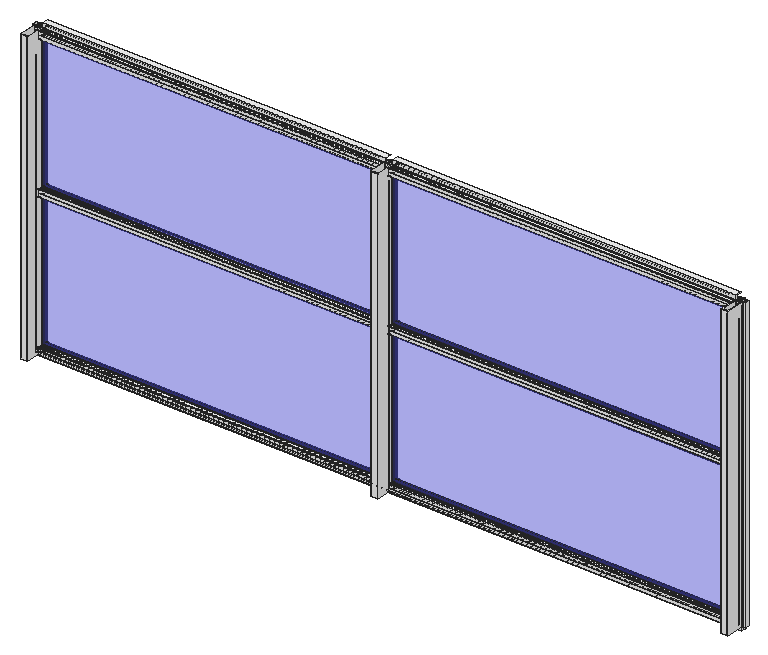
Revit family "Facade_60_Curtain_Wall_E22_Standard", category Windows, host Wall, Revit 2014 (continued)
Definition of nested family "F60 Vertical Profile Side_E22_Std"
  Automatic sketch dimensions
    Extrusion 7 sketch curve to Extrusion 7 sketch curve = 0.6 mm  (x3)
    Extrusion 7 sketch curve to Extrusion 7 sketch curve = 9.217 mm  (x2)
    Extrusion 7 sketch curve to Extrusion 7 sketch curve = 1.833 mm  (x2)
    Extrusion 7 sketch curve to Extrusion 7 sketch curve = 32 mm
    Extrusion 7 sketch curve to plane 1 "Center (Front/Back)" = 15 mm
    Extrusion 7 sketch curve to Extrusion 7 sketch curve = 54.1 mm
    Extrusion 7 sketch curve to Extrusion 7 sketch curve = 1.3 mm
    Extrusion 7 sketch curve to Extrusion 7 sketch curve = 1.95 mm
    Extrusion 7 sketch curve to Extrusion 7 sketch curve = 1.65 mm
    Extrusion 7 sketch curve to Extrusion 7 sketch curve = 4.987 mm
    Extrusion 7 sketch curve to Extrusion 7 sketch curve = 4.813 mm
    Extrusion 7 sketch curve to Extrusion 7 sketch curve = 4.812 mm
    Extrusion 7 sketch curve to Extrusion 7 sketch curve = 137.5 mm
    Extrusion 7 sketch curve to Extrusion 7 sketch curve = 0.2 mm  (x2)
    Extrusion 7 sketch curve to Extrusion 7 sketch curve = 0.4 mm  (x2)
    Extrusion 7 sketch curve to Extrusion 7 sketch curve = 4.5 mm
    Extrusion 8 sketch curve to plane 3 "Center (Left/Right)" = 0 mm
    Extrusion 8 sketch curve to Extrusion 8 sketch curve = 1 mm  (x3)
    plane 3 "Center (Left/Right)" to Extrusion 8 sketch curve = 1.65 mm
    plane 3 "Center (Left/Right)" to Extrusion 8 sketch curve = 2.75 mm
    Extrusion 8 sketch curve to Extrusion 8 sketch curve = 0.8 mm  (x2)
    Extrusion 8 sketch curve to Extrusion 8 sketch curve = 52.5 mm
    Extrusion 8 sketch curve to plane 1 "Center (Front/Back)" = 15.1 mm
    Extrusion 8 sketch curve to Extrusion 8 sketch curve = 52.9 mm
    Extrusion 8 sketch curve to Extrusion 8 sketch curve = 1.9 mm
    Extrusion 8 sketch curve to Extrusion 8 sketch curve = 2.75 mm
    Extrusion 8 sketch curve to Extrusion 8 sketch curve = 4.444 mm
    Extrusion 8 sketch curve to Extrusion 8 sketch curve = 4.656 mm  (x2)
    Extrusion 8 sketch curve to Extrusion 8 sketch curve = 163.2 mm
    Extrusion 8 sketch curve to Extrusion 8 sketch curve = 9.5 mm
    plane 3 "Center (Left/Right)" to Extrusion 9 sketch curve = 25.249 mm
    Extrusion 9 sketch curve to Extrusion 9 sketch curve = 0.5 mm  (x4)
    Extrusion 9 sketch curve to Extrusion 9 sketch curve = 1.1 mm
    plane 1 "Center (Front/Back)" to Extrusion 9 sketch curve = 11.356 mm  (x2)
    Extrusion 9 sketch curve to Extrusion 9 sketch curve = 0.293 mm  (x2)
    Extrusion 9 sketch curve to Extrusion 9 sketch curve = 1.896 mm
    Extrusion 9 sketch curve to Extrusion 9 sketch curve = 1.922 mm
    Extrusion 9 sketch curve to Extrusion 9 sketch curve = 1 mm  (x2)
    Extrusion 9 sketch curve to Extrusion 9 sketch curve = 0.7 mm
    Extrusion 9 sketch curve to Extrusion 9 sketch curve = 0.808 mm
    Extrusion 9 sketch curve to plane 1 "Center (Front/Back)" = 2.272 mm  (x2)
    Extrusion 9 sketch curve to Extrusion 9 sketch curve = 0.303 mm
    Extrusion 9 sketch curve to plane 1 "Center (Front/Back)" = 1.745 mm
    Extrusion 9 sketch curve to Extrusion 9 sketch curve = 0.356 mm
    plane 1 "Center (Front/Back)" to Extrusion 9 sketch curve = 9.206 mm  (x2)
    Extrusion 9 sketch curve to Extrusion 9 sketch curve = 1.647 mm
    Extrusion 9 sketch curve to Extrusion 9 sketch curve = 0.701 mm
    Extrusion 9 sketch curve to Extrusion 9 sketch curve = 0.992 mm
    Extrusion 9 sketch curve to Extrusion 9 sketch curve = 0.003 mm
    Extrusion 9 sketch curve to Extrusion 9 sketch curve = 0.002 mm
    Extrusion 9 sketch curve to Extrusion 9 sketch curve = 0.004 mm
    Extrusion 9 sketch curve to Extrusion 9 sketch curve = 0.708 mm
    Extrusion 9 sketch curve to plane 1 "Center (Front/Back)" = 1.946 mm
    Extrusion 9 sketch curve to Extrusion 9 sketch curve = 0.899 mm
    Extrusion 9 sketch curve to Extrusion 9 sketch curve = 0.444 mm
    Extrusion 9 sketch curve to Extrusion 9 sketch curve = 3.038 mm
    Extrusion 9 sketch curve to plane 1 "Center (Front/Back)" = 0.385 mm  (x2)
    Extrusion 9 sketch curve to Extrusion 9 sketch curve = 0.756 mm
    Extrusion 9 sketch curve to Extrusion 9 sketch curve = 2.153 mm
    Extrusion 9 sketch curve to Extrusion 9 sketch curve = 0.631 mm
    Extrusion 9 sketch curve to Extrusion 9 sketch curve = 0.807 mm
    Extrusion 9 sketch curve to Extrusion 9 sketch curve = 1.646 mm
    Extrusion 9 sketch curve to Extrusion 9 sketch curve = 0.707 mm
    Extrusion 9 sketch curve to Extrusion 9 sketch curve = 1.393 mm
    Extrusion 9 sketch curve to Extrusion 9 sketch curve = 1.923 mm
    Extrusion 9 sketch curve to Extrusion 9 sketch curve = 11.937 mm
    Extrusion 9 sketch curve to Extrusion 9 sketch curve = 1.6 mm
    Extrusion 9 sketch curve to Extrusion 9 sketch curve = 0.9 mm  (x2)
    Extrusion 9 sketch curve to Extrusion 9 sketch curve = 1.356 mm  (x2)
    Extrusion 9 sketch curve to Extrusion 9 sketch curve = 0.714 mm
    Extrusion 9 sketch curve to Extrusion 9 sketch curve = 0.02 mm
    Extrusion 9 sketch curve to Extrusion 9 sketch curve = 0.399 mm
    Extrusion 9 sketch curve to Extrusion 9 sketch curve = 2.224 mm
    Extrusion 9 sketch curve to Extrusion 9 sketch curve = 0.448 mm
    Extrusion 9 sketch curve to plane 1 "Center (Front/Back)" = 0.198 mm
    Extrusion 9 sketch curve to plane 1 "Center (Front/Back)" = 0.201 mm
    Extrusion 9 sketch curve to Extrusion 9 sketch curve = 0.032 mm
    Extrusion 9 sketch curve to Extrusion 9 sketch curve = 0 mm
    plane 3 "Center (Left/Right)" to Extrusion 10 sketch curve = 1.014 mm
    Extrusion 10 sketch curve to Extrusion 10 sketch curve = 0.469 mm  (x2)
    plane 3 "Center (Left/Right)" to Extrusion 10 sketch curve = 1.706 mm
    Extrusion 10 sketch curve to Extrusion 10 sketch curve = 1.079 mm
    Extrusion 10 sketch curve to Extrusion 10 sketch curve = 0.864 mm
    Extrusion 10 sketch curve to Extrusion 10 sketch curve = 1.15 mm  (x4)
    Extrusion 10 sketch curve to Extrusion 10 sketch curve = 3.2 mm  (x2)
    Extrusion 10 sketch curve to Extrusion 10 sketch curve = 3.031 mm  (x2)
    Extrusion 10 sketch curve to Extrusion 10 sketch curve = 0.6 mm  (x3)
    Extrusion 10 sketch curve to Extrusion 10 sketch curve = 15.584 mm  (x2)
    Extrusion 10 sketch curve to Extrusion 10 sketch curve = 0.808 mm  (x2)
    Extrusion 10 sketch curve to Extrusion 10 sketch curve = 3.038 mm
    Extrusion 10 sketch curve to Extrusion 10 sketch curve = 0.865 mm
    Extrusion 10 sketch curve to Extrusion 10 sketch curve = 1.25 mm  (x5)
    Extrusion 10 sketch curve to Extrusion 10 sketch curve = 0.61 mm
    plane 1 "Center (Front/Back)" to Extrusion 10 sketch curve = 31.288 mm
    Extrusion 10 sketch curve to Extrusion 10 sketch curve = 0.362 mm
    plane 1 "Center (Front/Back)" to Extrusion 10 sketch curve = 31.65 mm
    Extrusion 10 sketch curve to Extrusion 10 sketch curve = 0.962 mm
    Extrusion 10 sketch curve to Extrusion 10 sketch curve = 0.85 mm
    Extrusion 10 sketch curve to Extrusion 10 sketch curve = 0.512 mm  (x2)
    Extrusion 10 sketch curve to Extrusion 10 sketch curve = 0.4 mm  (x2)
    Extrusion 10 sketch curve to Extrusion 10 sketch curve = 1 mm
    Extrusion 10 sketch curve to Extrusion 10 sketch curve = 2.8 mm
    Extrusion 10 sketch curve to Extrusion 10 sketch curve = 0 mm  (x2)
    Extrusion 10 sketch curve to Extrusion 10 sketch curve = 1.4 mm
    Extrusion 10 sketch curve to Extrusion 10 sketch curve = 0.539 mm  (x2)
    plane 1 "Center (Front/Back)" to Extrusion 10 sketch curve = 28.864 mm
    Extrusion 11 sketch curve to plane 3 "Center (Left/Right)" = 0 mm
    plane 3 "Center (Left/Right)" to Extrusion 11 sketch curve = 0.65 mm
    Extrusion 11 sketch curve to Extrusion 11 sketch curve = 0.128 mm  (x2)
    plane 3 "Center (Left/Right)" to Extrusion 11 sketch curve = 1.014 mm
    plane 3 "Center (Left/Right)" to Extrusion 11 sketch curve = 1.05 mm
    Extrusion 11 sketch curve to Extrusion 11 sketch curve = 0.469 mm  (x2)
    Extrusion 11 sketch curve to Extrusion 11 sketch curve = 1.079 mm
    Extrusion 11 sketch curve to Extrusion 11 sketch curve = 1.317 mm  (x2)
    Extrusion 11 sketch curve to Extrusion 11 sketch curve = 0 mm  (x3)
    plane 3 "Center (Left/Right)" to Extrusion 11 sketch curve = 3.85 mm
    Extrusion 11 sketch curve to Extrusion 11 sketch curve = 0.15 mm  (x2)
    Extrusion 11 sketch curve to Extrusion 11 sketch curve = 26 mm  (x2)
    Extrusion 11 sketch curve to Extrusion 11 sketch curve = 1.05 mm
    Extrusion 11 sketch curve to Extrusion 11 sketch curve = 0.707 mm
    Extrusion 11 sketch curve to Extrusion 11 sketch curve = 0.433 mm
    plane 1 "Center (Front/Back)" to Extrusion 11 sketch curve = 31.288 mm
    plane 1 "Center (Front/Back)" to Extrusion 11 sketch curve = 28.065 mm
    Extrusion 11 sketch curve to Extrusion 11 sketch curve = 1.314 mm
    Extrusion 11 sketch curve to Extrusion 11 sketch curve = 0.65 mm
    Extrusion 11 sketch curve to Extrusion 11 sketch curve = 0.5 mm  (x2)
    plane 1 "Center (Front/Back)" to Extrusion 11 sketch curve = 32.75 mm
    Extrusion 11 sketch curve to Extrusion 11 sketch curve = 0.1 mm  (x3)
    Extrusion 11 sketch curve to Extrusion 11 sketch curve = 1.1 mm  (x2)
    Extrusion 11 sketch curve to Extrusion 11 sketch curve = 8.608 mm
    Extrusion 11 sketch curve to Extrusion 11 sketch curve = 0.962 mm
    Extrusion 12 sketch curve to plane 3 "Center (Left/Right)" = 21.349 mm
    Extrusion 12 sketch curve to Extrusion 12 sketch curve = 6.35 mm
    plane 3 "Center (Left/Right)" to Extrusion 12 sketch curve = 10.403 mm
    plane 1 "Center (Front/Back)" to Extrusion 12 sketch curve = 35.567 mm
    plane 1 "Center (Front/Back)" to Extrusion 12 sketch curve = 10.171 mm
    plane 1 "Center (Front/Back)" to Extrusion 12 sketch curve = 3.821 mm
    Extrusion 13 sketch curve to plane 3 "Center (Left/Right)" = 21.35 mm
    Extrusion 13 sketch curve to Extrusion 13 sketch curve = 6.35 mm
    plane 3 "Center (Left/Right)" to Extrusion 13 sketch curve = 10.402 mm
    plane 1 "Center (Front/Back)" to Extrusion 13 sketch curve = 33.172 mm
    plane 1 "Center (Front/Back)" to Extrusion 13 sketch curve = 7.775 mm
    plane 1 "Center (Front/Back)" to Extrusion 13 sketch curve = 1.425 mm
    Extrusion 14 sketch curve to plane 3 "Center (Left/Right)" = 0 mm
    plane 3 "Center (Left/Right)" to Extrusion 14 sketch curve = 1.2 mm
    Extrusion 14 sketch curve to Extrusion 14 sketch curve = 9.6 mm
    Extrusion 14 sketch curve to Extrusion 14 sketch curve = 1.2 mm  (x3)
    plane 1 "Center (Front/Back)" to Extrusion 14 sketch curve = 25.775 mm
    plane 1 "Center (Front/Back)" to Extrusion 14 sketch curve = 8.975 mm
    curve 4 to Extrusion 6 = 0 mm
    curve 3 to Extrusion 6 = 0 mm
    curve 1 to Extrusion 6 = 0 mm
    curve 4 to Extrusion 6 = 3.6 mm
    curve 3 to Extrusion 6 = 3.6 mm
    curve 1 to Extrusion 6 = 3.6 mm
    Extrusion 6 to curve 2 = 1 mm
    Extrusion 6 to curve 5 = 1 mm
    Extrusion 6 to curve 6 = 1 mm
    curve 6 to Extrusion 6 = 1 mm
    curve 5 to Extrusion 6 = 1 mm
    curve 2 to Extrusion 6 = 1 mm
    curve 9 to Extrusion 6 = 0 mm
    curve 8 to Extrusion 6 = 0 mm
    curve 7 to Extrusion 6 = 0 mm
    Extrusion 6 to curve 8 = 3.6 mm
    Extrusion 6 to curve 9 = 3.6 mm
    Extrusion 6 to curve 7 = 3.6 mm
    curve 12 to Extrusion 5 = 25.894 mm
    curve 11 to Extrusion 5 = 25.894 mm
    curve 10 to Extrusion 5 = 25.894 mm
    curve 10 to Extrusion 5 = 0.108 mm
    Extrusion 5 to curve 12 = 0.703 mm
    Extrusion 5 to curve 11 = 0.703 mm
    curve 13 to Extrusion 5 = 4 mm
    curve 14 to Extrusion 5 = 4 mm
    curve 15 to Extrusion 5 = 4 mm
    Extrusion 5 to curve 15 = 0.702 mm
    Extrusion 5 to curve 14 = 0.702 mm
    Extrusion 5 to curve 13 = 0.702 mm
    curve 18 to Extrusion 7 = 0 mm
    curve 17 to Extrusion 7 = 0 mm
    curve 16 to Extrusion 7 = 0 mm
    Extrusion 7 to curve 17 = 3.6 mm
    Extrusion 7 to curve 18 = 3.6 mm
    Extrusion 7 to curve 16 = 3.6 mm
    Extrusion 7 to curve 21 = 1 mm  (x2)
    Extrusion 7 to curve 20 = 1 mm  (x2)
    Extrusion 7 to curve 19 = 1 mm  (x2)
    curve 24 to Extrusion 7 = 0 mm
    curve 23 to Extrusion 7 = 0 mm
    curve 22 to Extrusion 7 = 0 mm
    curve 24 to Extrusion 7 = 3.6 mm
    curve 23 to Extrusion 7 = 3.6 mm
    curve 22 to Extrusion 7 = 3.6 mm
    curve 27 to Extrusion 8 = 0 mm
    curve 26 to Extrusion 8 = 0 mm
    curve 25 to Extrusion 8 = 0 mm
    Extrusion 8 to curve 26 = 3.6 mm
    Extrusion 8 to curve 27 = 3.6 mm
    Extrusion 8 to curve 25 = 3.6 mm
    Extrusion 8 to curve 30 = 0.221 mm
    Extrusion 8 to curve 29 = 0.221 mm
    Extrusion 8 to curve 28 = 0.221 mm
    curve 29 to Extrusion 8 = 0.222 mm
    curve 30 to Extrusion 8 = 0.222 mm
    curve 28 to Extrusion 8 = 0.222 mm
    curve 33 to Extrusion 8 = 0 mm
    curve 32 to Extrusion 8 = 0 mm
    curve 31 to Extrusion 8 = 0 mm
    curve 33 to Extrusion 8 = 3.6 mm
    curve 32 to Extrusion 8 = 3.6 mm
    curve 31 to Extrusion 8 = 3.6 mm
    curve 34 to Extrusion 11 = 4.016 mm
    curve 35 to Extrusion 11 = 4.016 mm
    curve 36 to Extrusion 11 = 3.97 mm
    Extrusion 11 to curve 36 = 0.637 mm
    Extrusion 11 to curve 35 = 0.637 mm
    Extrusion 11 to curve 34 = 0.637 mm
    curve 37 to Extrusion 11 = 29.221 mm
    curve 38 to Extrusion 11 = 29.221 mm
    curve 39 to Extrusion 11 = 29.221 mm
    Extrusion 11 to curve 39 = 3.222 mm
    Extrusion 11 to curve 38 = 3.222 mm
    Extrusion 11 to curve 37 = 3.222 mm
Definition of nested family "F60 Horizontal Profile Top_E22_Std"
  Parameters (values of type "F60 Horizontal Profile Top")
    Thermal Break Material [instance] = none
    Single Glazing [instance] = yes
    Profile Material [instance] = none
    Length [instance] = 250 mm
    Double Glazing [instance] = yes
  Reference planes
    plane 1 "Center (Front/Back)": y = 0
    plane 2: z = 0
    plane 3 "Center (Left/Right)": x = 0
  Forms (mm)
    Extrusion 1, solid, material <- "Profile Material"
      sketch origin (0, 0, 0) x (0, 1, 0) y (0, 0, 1)
        loop
          line (-9.94, 7.845) -> (-8.37, 6.275) -> (-1.2, 10.415) -> (-1.2, 1.2) -> (-5, 1.2) -> (-5, 0) -> (-1, 0)
          arc (-1, 0) -> (-0.293, 0.293) -> (0, 1) r 1
          line (0, 1) -> (0, 30) -> (0, 59)
          arc (0, 59) -> (-0.293, 59.707) -> (-1, 60) r 1
          line (-1, 60) -> (-5, 60) -> (-5, 58.8) -> (-1.2, 58.8) -> (-1.2, 49.585) -> (-8.37, 53.725) -> (-9.94, 52.155)
          arc (-9.94, 52.155) -> (-9.902, 51.269) -> (-9.016, 51.232) r 0.655
          line (-9.016, 51.232) -> (-8.077, 52.17) -> (-1.2, 48.2) -> (-1.2, 30) -> (-1.2, 11.8) -> (-8.077, 7.83) -> (-9.016, 8.768)
          arc (-9.016, 8.768) -> (-9.902, 8.731) -> (-9.94, 7.845) r 0.655
      from 0 to 250 <- "Length"
    Extrusion 2, solid, material <- "Profile Material"
      sketch origin (0, 0, 0) x (0, 1, 0) y (0, 0, 1)
        loop
          line (-5, 60) -> (-44.6, 60) -> (-44.6, 58.35) -> (-39.944, 58.35) -> (-39.944, 1.65) -> (-44.6, 1.65) -> (-44.6, 0) -> (-5, 0) -> (-5, 2.2) -> (-4.2, 2.2) -> (-4.2, 3.018)
          arc (-4.2, 3.018) -> (-4.352, 3.783) -> (-4.786, 4.432) r 2
          line (-4.786, 4.432) -> (-7.054, 6.7) -> (-8, 6.489) -> (-8, 5.7) -> (-7.205, 5.7) -> (-7.205, 2.95) -> (-8, 2.95) -> (-8, 1.95) -> (-12.752, 1.95) -> (-12.752, 6.7) -> (-14.152, 6.7) -> (-14.152, 1.65) -> (-38.65, 1.65) -> (-38.65, 8.33) -> (-37.097, 8.33) -> (-34.666, 6.973)
          arc (-34.666, 6.973) -> (-33.846, 7.192) -> (-34.066, 8.012) r 0.6
          line (-34.066, 8.012) -> (-37.128, 9.78) -> (-38.65, 9.78) -> (-38.65, 12.65) -> (-37.6, 13.7) -> (-37.6, 20.3) -> (-38.65, 21.35) -> (-38.65, 38.65) -> (-37.6, 39.7) -> (-37.6, 46.3) -> (-38.65, 47.35) -> (-38.65, 50.22) -> (-37.128, 50.22) -> (-34.066, 51.988)
          arc (-34.066, 51.988) -> (-33.846, 52.808) -> (-34.666, 53.027) r 0.6
          line (-34.666, 53.027) -> (-37.032, 51.661) -> (-38.65, 51.661) -> (-38.65, 58.35) -> (-14.152, 58.35) -> (-14.152, 53.3) -> (-12.752, 53.3) -> (-12.752, 58.05) -> (-8, 58.05) -> (-8, 57.05) -> (-7.205, 57.05) -> (-7.205, 54.3) -> (-8, 54.3) -> (-8, 53.511) -> (-7.054, 53.3) -> (-4.786, 55.568)
          arc (-4.786, 55.568) -> (-4.352, 56.217) -> (-4.2, 56.982) r 2
          line (-4.2, 56.982) -> (-4.2, 57.8) -> (-5, 57.8) -> (-5, 60)
      from 0 to 250 <- "Length"
    Extrusion 3, solid, material <- "Thermal Break Material"
      sketch origin (0, 0, 0) x (0, 1, 0) y (0, 0, 1)
        loop
          line (-40, 1.75) -> (-40, 30) -> (-40, 58.25) -> (-44.6, 58.25) -> (-44.6, 60) -> (-45.9, 60) -> (-45.9, 53.65) -> (-41.788, 53.65)
          arc (-41.788, 53.65) -> (-41.363, 53.474) -> (-41.187, 53.05) r 0.6
          line (-41.187, 53.05) -> (-41.187, 30) -> (-41.187, 6.95)
          arc (-41.187, 6.95) -> (-41.363, 6.526) -> (-41.788, 6.35) r 0.6
          line (-41.788, 6.35) -> (-45.9, 6.35) -> (-45.9, 0) -> (-44.6, 0) -> (-44.6, 1.75) -> (-40, 1.75)
      from 0 to 250 <- "Length"
    Extrusion 4, solid, material <- "Profile Material"
      sketch origin (0, 0, 0) x (0, 1, 0) y (0, 0, 1)
        loop
          line (-58.5, 25.249) -> (-43.6, 25.249)
          arc (-43.6, 25.249) -> (-43.034, 25.015) -> (-42.8, 24.449) r 0.8
          line (-42.8, 24.449) -> (-42.8, 7.9) -> (-44.4, 7.9) -> (-44.4, 9.45) -> (-45.25, 9.45)
          arc (-45.25, 9.45) -> (-45.674, 9.274) -> (-45.85, 8.85) r 0.6
          line (-45.85, 8.85) -> (-45.85, 7.9) -> (-48.8, 7.9)
          arc (-48.8, 7.9) -> (-49.3, 8.4) -> (-49.8, 7.9) r 0.5
          line (-49.8, 7.9) -> (-49.8, 5.55) -> (-48.65, 5.55) -> (-48.65, 6.7) -> (-47.35, 6.7) -> (-47.35, 1.2) -> (-48.65, 1.2) -> (-48.65, 2.35) -> (-49.8, 2.35) -> (-49.8, 0.5)
          arc (-49.8, 0.5) -> (-49.654, 0.146) -> (-49.3, 0) r 0.5
          line (-49.3, 0) -> (-45.9, 0) -> (-45.9, 6.45) -> (-42.2, 6.45)
          arc (-42.2, 6.45) -> (-41.634, 6.684) -> (-41.4, 7.25) r 0.8
          line (-41.4, 7.25) -> (-41.4, 30) -> (-41.4, 52.75)
          arc (-41.4, 52.75) -> (-41.634, 53.316) -> (-42.2, 53.55) r 0.8
          line (-42.2, 53.55) -> (-45.9, 53.55) -> (-45.9, 60) -> (-49.3, 60)
          arc (-49.3, 60) -> (-49.654, 59.854) -> (-49.8, 59.5) r 0.5
          line (-49.8, 59.5) -> (-49.8, 57.65) -> (-48.65, 57.65) -> (-48.65, 58.8) -> (-47.35, 58.8) -> (-47.35, 53.3) -> (-48.65, 53.3) -> (-48.65, 54.45) -> (-49.8, 54.45) -> (-49.8, 52.1)
          arc (-49.8, 52.1) -> (-49.3, 51.6) -> (-48.8, 52.1) r 0.5
          line (-48.8, 52.1) -> (-45.85, 52.1) -> (-45.85, 51.15)
          arc (-45.85, 51.15) -> (-45.674, 50.726) -> (-45.25, 50.55) r 0.6
          line (-45.25, 50.55) -> (-44.4, 50.55) -> (-44.4, 52.1) -> (-42.8, 52.1) -> (-42.8, 35.551)
          arc (-42.8, 35.551) -> (-43.034, 34.985) -> (-43.6, 34.751) r 0.8
          line (-43.6, 34.751) -> (-58.5, 34.751)
          arc (-58.5, 34.751) -> (-59.066, 34.516) -> (-59.3, 33.951) r 0.8
          line (-59.3, 33.951) -> (-59.3, 32.902) -> (-42.8, 32.902) -> (-42.8, 27.1) -> (-59.3, 27.1) -> (-59.3, 26.049)
          arc (-59.3, 26.049) -> (-59.066, 25.484) -> (-58.5, 25.249) r 0.8
      from 0 to 250 <- "Length"
    Extrusion 5, solid, material <- "Thermal Break Material", visible <- "Single Glazing"
      sketch origin (0, 0, 0) x (0, 1, 0) y (0, 0, 1)
        loop
          arc (-63.8, 25.751) -> (-63.654, 25.397) -> (-63.3, 25.251) r 0.5
          line (-63.3, 25.251) -> (-59.8, 25.251)
          arc (-59.8, 25.251) -> (-59.446, 25.397) -> (-59.3, 25.751) r 0.5
          line (-59.3, 25.751) -> (-59.3, 27.648) -> (-49.599, 27.648) -> (-47.528, 28.651)
          arc (-47.528, 28.651) -> (-46.803, 30.001) -> (-47.528, 31.351) r 1.62
          line (-47.528, 31.351) -> (-49.599, 32.353) -> (-59.3, 32.353) -> (-59.3, 34.251)
          arc (-59.3, 34.251) -> (-59.446, 34.604) -> (-59.8, 34.751) r 0.5
          line (-59.8, 34.751) -> (-63.3, 34.751)
          arc (-63.3, 34.751) -> (-63.654, 34.604) -> (-63.8, 34.251) r 0.5
          line (-63.8, 34.251) -> (-63.8, 32.328) -> (-62.4, 31.52) -> (-62.4, 28.483) -> (-63.8, 27.673) -> (-63.8, 25.751)
        loop
          line (-59.794, 28.506) -> (-59.006, 29.294)
          arc (-59.006, 29.294) -> (-58.788, 29.618) -> (-58.713, 30.001) r 0.986
          arc (-58.713, 30.001) -> (-58.79, 30.384) -> (-59.008, 30.71) r 1.007
          line (-59.008, 30.71) -> (-59.794, 31.496) -> (-60.65, 31.496)
          arc (-60.65, 31.496) -> (-61.004, 31.349) -> (-61.15, 30.996) r 0.5
          line (-61.15, 30.996) -> (-61.15, 29.006)
          arc (-61.15, 29.006) -> (-61.004, 28.652) -> (-60.65, 28.506) r 0.5
          line (-60.65, 28.506) -> (-59.794, 28.506)
        loop
          line (-47.854, 30.898) -> (-49.415, 31.653) -> (-56.782, 31.653)
          arc (-56.782, 31.653) -> (-57.207, 31.417) -> (-57.23, 30.932) r 0.5
          arc (-57.23, 30.932) -> (-57.013, 30.001) -> (-57.23, 29.07) r 2.099
          arc (-57.23, 29.07) -> (-57.207, 28.584) -> (-56.782, 28.348) r 0.5
          line (-56.782, 28.348) -> (-49.415, 28.348) -> (-48.055, 29.007)
          arc (-48.055, 29.007) -> (-47.35, 29.888) -> (-47.854, 30.898) r 1.047
      from 0 to 250 <- "Length"
    Extrusion 6, solid, material <- "Profile Material", visible <- "Single Glazing"
      sketch origin (0, 0, 0) x (0, 1, 0) y (0, 0, 1)
        loop
          line (-63.8, 52.694) -> (-64.8, 52.694) -> (-64.8, 51.544) -> (-66.05, 51.544) -> (-66.05, 57.044) -> (-64.8, 57.044) -> (-64.8, 55.894) -> (-63.8, 55.894) -> (-63.8, 58.294)
          arc (-63.8, 58.294) -> (-64.082, 58.803) -> (-64.664, 58.835) r 0.6
          line (-64.664, 58.835) -> (-66.562, 57.91) -> (-67.088, 58.988) -> (-68.05, 58.519) -> (-68.05, 48.513)
          arc (-68.05, 48.513) -> (-67.874, 48.089) -> (-67.45, 47.913) r 0.6
          line (-67.45, 47.913) -> (-66.6, 47.913) -> (-66.6, 12.09) -> (-67.45, 12.09)
          arc (-67.45, 12.09) -> (-67.874, 11.914) -> (-68.05, 11.49) r 0.6
          line (-68.05, 11.49) -> (-68.05, 1.485) -> (-67.088, 1.016) -> (-66.562, 2.095) -> (-64.663, 1.169)
          arc (-64.663, 1.169) -> (-64.082, 1.2) -> (-63.8, 1.709) r 0.6
          line (-63.8, 1.709) -> (-63.8, 4.109) -> (-64.8, 4.109) -> (-64.8, 2.959) -> (-66.05, 2.959) -> (-66.05, 8.459) -> (-64.8, 8.459) -> (-64.8, 7.309) -> (-63.8, 7.309) -> (-63.8, 27.674) -> (-62.4, 28.483) -> (-62.4, 31.521) -> (-63.8, 32.329) -> (-63.8, 52.694)
      from 0 to 250 <- "Length"
    Extrusion 7, solid, material <- "Profile Material", visible <- "Single Glazing"
      sketch origin (0, 0, 0) x (0, 1, 0) y (0, 0, 1)
        loop
          line (-68.551, 3.3) -> (-76.559, 3.3) -> (-76.559, 30) -> (-76.559, 56.15)
          arc (-76.559, 56.15) -> (-75.739, 58.13) -> (-73.759, 58.95) r 2.8
          line (-73.759, 58.95) -> (-69.151, 58.95) -> (-69.151, 57.2)
          arc (-69.151, 57.2) -> (-68.987, 56.829) -> (-68.601, 56.703) r 0.5
          arc (-68.601, 56.703) -> (-68.216, 56.829) -> (-68.051, 57.2) r 0.5
          line (-68.051, 57.2) -> (-68.051, 58.517) -> (-67.089, 58.986) -> (-66.563, 57.907) -> (-63.866, 59.222)
          arc (-63.866, 59.222) -> (-64.001, 59.762) -> (-64.504, 60) r 0.65
          line (-64.504, 60) -> (-73.859, 60)
          arc (-73.859, 60) -> (-76.687, 58.828) -> (-77.859, 56) r 4
          line (-77.859, 56) -> (-77.859, 30) -> (-77.859, 2.493)
          arc (-77.859, 2.493) -> (-77.197, 0.799) -> (-75.562, 0.002) r 2.5
          arc (-75.562, 0.002) -> (-75.182, 0.132) -> (-75.021, 0.5) r 0.5
          line (-75.021, 0.5) -> (-75.021, 2) -> (-69.151, 2) -> (-69.151, 0.5)
          arc (-69.151, 0.5) -> (-69.005, 0.146) -> (-68.651, 0) r 0.5
          line (-68.651, 0) -> (-64.504, 0)
          arc (-64.504, 0) -> (-64.001, 0.238) -> (-63.866, 0.778) r 0.65
          line (-63.866, 0.778) -> (-66.563, 2.093) -> (-67.089, 1.014) -> (-68.051, 1.483) -> (-68.051, 2.8)
          arc (-68.051, 2.8) -> (-68.198, 3.154) -> (-68.551, 3.3) r 0.5
      from 0 to 250 <- "Length"
    Extrusion 8, solid, material <- "Thermal Break Material", visible <- "Double Glazing"
      sketch origin (0, 0, 0) x (0, 1, 0) y (0, 0, 1)
        loop
          line (-77.8, 27.673) -> (-77.8, 25.751)
          arc (-77.8, 25.751) -> (-77.654, 25.397) -> (-77.3, 25.251) r 0.5
          line (-77.3, 25.251) -> (-59.8, 25.251)
          arc (-59.8, 25.251) -> (-59.446, 25.397) -> (-59.3, 25.751) r 0.5
          line (-59.3, 25.751) -> (-59.3, 27.647) -> (-49.599, 27.647) -> (-47.528, 28.649)
          arc (-47.528, 28.649) -> (-46.803, 29.999) -> (-47.528, 31.349) r 1.62
          line (-47.528, 31.349) -> (-49.602, 32.353) -> (-59.3, 32.353) -> (-59.3, 34.251)
          arc (-59.3, 34.251) -> (-59.446, 34.604) -> (-59.8, 34.751) r 0.5
          line (-59.8, 34.751) -> (-77.3, 34.751)
          arc (-77.3, 34.751) -> (-77.654, 34.604) -> (-77.8, 34.251) r 0.5
          line (-77.8, 34.251) -> (-77.8, 32.327) -> (-76.4, 31.52) -> (-76.4, 28.482) -> (-77.8, 27.673)
        loop
          line (-59.006, 30.708) -> (-61.156, 32.858)
          arc (-61.156, 32.858) -> (-61.48, 33.074) -> (-61.863, 33.151) r 1
          line (-61.863, 33.151) -> (-73.8, 33.151)
          arc (-73.8, 33.151) -> (-74.507, 32.858) -> (-74.8, 32.151) r 1
          line (-74.8, 32.151) -> (-74.8, 27.851)
          arc (-74.8, 27.851) -> (-74.507, 27.144) -> (-73.8, 26.851) r 1
          line (-73.8, 26.851) -> (-61.863, 26.851)
          arc (-61.863, 26.851) -> (-61.48, 26.927) -> (-61.156, 27.144) r 1
          line (-61.156, 27.144) -> (-59.006, 29.294)
          arc (-59.006, 29.294) -> (-58.788, 29.618) -> (-58.713, 30.001) r 0.986
          arc (-58.713, 30.001) -> (-58.79, 30.383) -> (-59.006, 30.708) r 1.007
        loop
          line (-56.782, 28.347) -> (-49.415, 28.347) -> (-48.055, 29.005)
          arc (-48.055, 29.005) -> (-47.35, 29.887) -> (-47.854, 30.896) r 1.047
          line (-47.854, 30.896) -> (-49.415, 31.652) -> (-56.782, 31.652)
          arc (-56.782, 31.652) -> (-57.207, 31.416) -> (-57.23, 30.93) r 0.5
          arc (-57.23, 30.93) -> (-57.013, 29.999) -> (-57.23, 29.068) r 2.099
          arc (-57.23, 29.068) -> (-57.207, 28.583) -> (-56.782, 28.347) r 0.5
      from 0 to 250 <- "Length"
    Extrusion 9, solid, material <- "Profile Material", visible <- "Double Glazing"
      sketch origin (0, 0, 0) x (0, 1, 0) y (0, 0, 1)
        loop
          line (-77.8, 52.694) -> (-78.8, 52.694) -> (-78.8, 51.544) -> (-80.05, 51.544) -> (-80.05, 57.044) -> (-78.8, 57.044) -> (-78.8, 55.894) -> (-77.8, 55.894) -> (-77.8, 58.294)
          arc (-77.8, 58.294) -> (-78.082, 58.802) -> (-78.664, 58.834) r 0.6
          line (-78.664, 58.834) -> (-80.562, 57.909) -> (-81.088, 58.988) -> (-82.05, 58.518) -> (-82.05, 48.512)
          arc (-82.05, 48.512) -> (-81.874, 48.088) -> (-81.45, 47.912) r 0.6
          line (-81.45, 47.912) -> (-80.6, 47.912) -> (-80.6, 12.089) -> (-81.45, 12.089)
          arc (-81.45, 12.089) -> (-81.874, 11.913) -> (-82.05, 11.489) r 0.6
          line (-82.05, 11.489) -> (-82.05, 1.484) -> (-81.088, 1.015) -> (-80.562, 2.094) -> (-78.663, 1.169)
          arc (-78.663, 1.169) -> (-78.082, 1.199) -> (-77.8, 1.708) r 0.6
          line (-77.8, 1.708) -> (-77.8, 4.108) -> (-78.8, 4.108) -> (-78.8, 2.958) -> (-80.05, 2.958) -> (-80.05, 8.458) -> (-78.8, 8.458) -> (-78.8, 7.308) -> (-77.8, 7.308) -> (-77.8, 27.673) -> (-76.4, 28.482) -> (-76.4, 31.52) -> (-77.8, 32.328) -> (-77.8, 52.694)
      from 0 to 250 <- "Length"
    Extrusion 10, solid, material <- "Profile Material", visible <- "Double Glazing"
      sketch origin (0, 0, 0) x (0, 1, 0) y (0, 0, 1)
        loop
          line (-82.551, 3.3) -> (-90.558, 3.3) -> (-90.558, 30) -> (-90.558, 56.15)
          arc (-90.558, 56.15) -> (-89.738, 58.13) -> (-87.758, 58.95) r 2.8
          line (-87.758, 58.95) -> (-83.151, 58.95) -> (-83.151, 57.2)
          arc (-83.151, 57.2) -> (-82.986, 56.829) -> (-82.601, 56.703) r 0.5
          arc (-82.601, 56.703) -> (-82.215, 56.829) -> (-82.051, 57.2) r 0.5
          line (-82.051, 57.2) -> (-82.051, 58.517) -> (-81.088, 58.986) -> (-80.563, 57.907) -> (-77.866, 59.222)
          arc (-77.866, 59.222) -> (-78, 59.762) -> (-78.503, 60) r 0.65
          line (-78.503, 60) -> (-87.858, 60)
          arc (-87.858, 60) -> (-90.687, 58.828) -> (-91.858, 56) r 4
          line (-91.858, 56) -> (-91.858, 30) -> (-91.858, 2.493)
          arc (-91.858, 2.493) -> (-91.196, 0.799) -> (-89.561, 0.002) r 2.5
          arc (-89.561, 0.002) -> (-89.182, 0.132) -> (-89.021, 0.5) r 0.5
          line (-89.021, 0.5) -> (-89.021, 2) -> (-83.151, 2) -> (-83.151, 0.5)
          arc (-83.151, 0.5) -> (-83.004, 0.146) -> (-82.651, 0) r 0.5
          line (-82.651, 0) -> (-78.503, 0)
          arc (-78.503, 0) -> (-78, 0.238) -> (-77.866, 0.778) r 0.65
          line (-77.866, 0.778) -> (-80.563, 2.093) -> (-81.088, 1.014) -> (-82.051, 1.483) -> (-82.051, 2.8)
          arc (-82.051, 2.8) -> (-82.197, 3.154) -> (-82.551, 3.3) r 0.5
      from 0 to 250 <- "Length"
    Extrusion 11, solid, material <- "Profile Material", visible <- "Double Glazing"
      sketch origin (0, 0, 0) x (0, 1, 0) y (0, 0, 1)
        loop
          line (-57.8, 45.73) -> (-51.8, 45.73) -> (-51.8, 95.73) -> (-101.8, 95.73) -> (-101.8, 89.73) -> (-57.8, 89.73) -> (-57.8, 45.73)
      from 0 to 250 <- "Length"
    Extrusion 12, solid, material <- "Profile Material", visible <- "Double Glazing"
      sketch origin (0, 0, 0) x (0, 1, 0) y (0, 0, 1)
        loop
          line (-75.8, 48) -> (-57.8, 48) -> (-57.8, 60) -> (-75.8, 60) -> (-75.8, 48)
        loop
          line (-74.6, 49.2) -> (-59, 49.2) -> (-59, 58.8) -> (-74.6, 58.8) -> (-74.6, 49.2)
      from 0 to 250 <- "Length"
    Extrusion 13, solid, material <- "Profile Material", visible <- "Single Glazing"
      sketch origin (0, 0, 0) x (0, 1, 0) y (0, 0, 1)
        loop
          line (-59.8, 45.865) -> (-53.8, 45.865) -> (-53.8, 95.865) -> (-103.8, 95.865) -> (-103.8, 89.865) -> (-59.8, 89.865) -> (-59.8, 45.865)
      from 0 to 250 <- "Length"
  Dimensions and locks
    aligned and locked: level to plane 2
Definition of nested family "F60 Sill_E22_Std"
  Parameters (values of type "F60 Sill")
    Profile Material [instance] = none
    Length Sill [instance] = 250 mm
  Reference planes
    plane 1 "Center (Front/Back)": y = 0
    plane 2: z = 0
    plane 3 "Center (Left/Right)": x = 0
  Forms (mm)
    Extrusion 1, solid, material <- "Profile Material"
      sketch origin (0, 0, 0) x (0, 1, 0) y (0, 0, 1)
        loop
          line (-42.734, 5.324) -> (-48.256, 4.643)
          arc (-48.256, 4.643) -> (-49.196, 4.147) -> (-49.572, 3.154) r 1.5
          line (-49.572, 3.154) -> (-49.572, 1.88) -> (-47.772, 1.88) -> (-47.772, 3.191) -> (-19.233, 6.714)
          arc (-19.233, 6.714) -> (-17.924, 7.083) -> (-16.785, 7.826) r 4.5
          line (-16.785, 7.826) -> (-16.785, 1.88) -> (-15.285, 1.88) -> (-15.285, 24.58)
          arc (-15.285, 24.58) -> (-15.109, 25.004) -> (-14.685, 25.18) r 0.6
          line (-14.685, 25.18) -> (-4.072, 25.18) -> (-4.072, 1.88) -> (-2.572, 1.88) -> (-2.572, 29.88) -> (-4.072, 29.88) -> (-4.072, 28.88) -> (-5.222, 28.88) -> (-5.222, 27.68) -> (-4.072, 27.68) -> (-4.072, 26.38) -> (-9.572, 26.38) -> (-9.572, 27.68) -> (-8.422, 27.68) -> (-8.422, 28.88) -> (-10.172, 28.88)
          arc (-10.172, 28.88) -> (-10.597, 28.704) -> (-10.772, 28.28) r 0.6
          line (-10.772, 28.28) -> (-10.772, 26.38) -> (-15.285, 26.38)
          arc (-15.285, 26.38) -> (-16.345, 25.941) -> (-16.785, 24.88) r 1.5
          line (-16.785, 24.88) -> (-16.785, 11.18)
          arc (-16.785, 11.18) -> (-17.537, 9.193) -> (-19.417, 8.203) r 3
          line (-19.417, 8.203) -> (-39.35, 5.742)
          arc (-39.35, 5.742) -> (-40.527, 6.107) -> (-41.034, 7.231) r 1.5
          line (-41.034, 7.231) -> (-41.034, 19.996)
          arc (-41.034, 19.996) -> (-40.883, 20.394) -> (-40.507, 20.592) r 0.6
          line (-40.507, 20.592) -> (-32.917, 21.529)
          arc (-32.917, 21.529) -> (-31.977, 22.024) -> (-31.601, 23.017) r 1.5
          line (-31.601, 23.017) -> (-31.601, 28.88) -> (-33.101, 28.88) -> (-33.101, 23.548)
          arc (-33.101, 23.548) -> (-33.251, 23.15) -> (-33.627, 22.952) r 0.6
          line (-33.627, 22.952) -> (-45.787, 21.451)
          arc (-45.787, 21.451) -> (-46.727, 20.956) -> (-47.104, 19.962) r 1.5
          line (-47.104, 19.962) -> (-47.104, 19.054)
          arc (-47.104, 19.054) -> (-46.957, 18.7) -> (-46.604, 18.554) r 0.5
          line (-46.604, 18.554) -> (-45.604, 18.554) -> (-45.604, 19.962) -> (-42.734, 20.317) -> (-42.734, 5.324)
      from 0 to 250 <- "Length Sill"
  Dimensions and locks
    aligned and locked: level to plane 2
Definition of nested family "F60 Horizontal Profile Bottom_E22_Std"
  Parameters (values of type "F60 Horizontal Profile Bottom")
    Thermal Break Material [instance] = none
    Single Glazing [instance] = yes
    Profile Material [instance] = none
    Length [instance] = 250 mm
    Double Glazing [instance] = yes
  Reference planes
    plane 1 "Center (Front/Back)": y = 0
    plane 2: z = 0
    plane 3 "Center (Left/Right)": x = 0
  Forms (mm)
    Extrusion 1, solid, material <- "Profile Material"
      sketch origin (0, 0, 0) x (0, 1, 0) y (0, 0, 1)
        loop
          line (-9.94, 7.845) -> (-8.37, 6.275) -> (-1.2, 10.415) -> (-1.2, 1.2) -> (-5, 1.2) -> (-5, 0) -> (-1, 0)
          arc (-1, 0) -> (-0.293, 0.293) -> (0, 1) r 1
          line (0, 1) -> (0, 30) -> (0, 59)
          arc (0, 59) -> (-0.293, 59.707) -> (-1, 60) r 1
          line (-1, 60) -> (-5, 60) -> (-5, 58.8) -> (-1.2, 58.8) -> (-1.2, 49.585) -> (-8.37, 53.725) -> (-9.94, 52.155)
          arc (-9.94, 52.155) -> (-9.902, 51.269) -> (-9.016, 51.232) r 0.655
          line (-9.016, 51.232) -> (-8.077, 52.17) -> (-1.2, 48.2) -> (-1.2, 30) -> (-1.2, 11.8) -> (-8.077, 7.83) -> (-9.016, 8.768)
          arc (-9.016, 8.768) -> (-9.902, 8.731) -> (-9.94, 7.845) r 0.655
      from 0 to 250 <- "Length"
    Extrusion 2, solid, material <- "Profile Material"
      sketch origin (0, 0, 0) x (0, 1, 0) y (0, 0, 1)
        loop
          line (-5, 60) -> (-44.6, 60) -> (-44.6, 58.35) -> (-39.944, 58.35) -> (-39.944, 1.65) -> (-44.6, 1.65) -> (-44.6, 0) -> (-5, 0) -> (-5, 2.2) -> (-4.2, 2.2) -> (-4.2, 3.018)
          arc (-4.2, 3.018) -> (-4.352, 3.783) -> (-4.786, 4.432) r 2
          line (-4.786, 4.432) -> (-7.054, 6.7) -> (-8, 6.489) -> (-8, 5.7) -> (-7.205, 5.7) -> (-7.205, 2.95) -> (-8, 2.95) -> (-8, 1.95) -> (-12.752, 1.95) -> (-12.752, 6.7) -> (-14.152, 6.7) -> (-14.152, 1.65) -> (-38.65, 1.65) -> (-38.65, 8.33) -> (-37.097, 8.33) -> (-34.666, 6.973)
          arc (-34.666, 6.973) -> (-33.846, 7.192) -> (-34.066, 8.012) r 0.6
          line (-34.066, 8.012) -> (-37.128, 9.78) -> (-38.65, 9.78) -> (-38.65, 12.65) -> (-37.6, 13.7) -> (-37.6, 20.3) -> (-38.65, 21.35) -> (-38.65, 38.65) -> (-37.6, 39.7) -> (-37.6, 46.3) -> (-38.65, 47.35) -> (-38.65, 50.22) -> (-37.128, 50.22) -> (-34.066, 51.988)
          arc (-34.066, 51.988) -> (-33.846, 52.808) -> (-34.666, 53.027) r 0.6
          line (-34.666, 53.027) -> (-37.032, 51.661) -> (-38.65, 51.661) -> (-38.65, 58.35) -> (-14.152, 58.35) -> (-14.152, 53.3) -> (-12.752, 53.3) -> (-12.752, 58.05) -> (-8, 58.05) -> (-8, 57.05) -> (-7.205, 57.05) -> (-7.205, 54.3) -> (-8, 54.3) -> (-8, 53.511) -> (-7.054, 53.3) -> (-4.786, 55.568)
          arc (-4.786, 55.568) -> (-4.352, 56.217) -> (-4.2, 56.982) r 2
          line (-4.2, 56.982) -> (-4.2, 57.8) -> (-5, 57.8) -> (-5, 60)
      from 0 to 250 <- "Length"
    Extrusion 3, solid, material <- "Thermal Break Material"
      sketch origin (0, 0, 0) x (0, 1, 0) y (0, 0, 1)
        loop
          line (-40, 1.75) -> (-40, 30) -> (-40, 58.25) -> (-44.6, 58.25) -> (-44.6, 60) -> (-45.9, 60) -> (-45.9, 53.65) -> (-41.788, 53.65)
          arc (-41.788, 53.65) -> (-41.363, 53.474) -> (-41.187, 53.05) r 0.6
          line (-41.187, 53.05) -> (-41.187, 30) -> (-41.187, 6.95)
          arc (-41.187, 6.95) -> (-41.363, 6.526) -> (-41.788, 6.35) r 0.6
          line (-41.788, 6.35) -> (-45.9, 6.35) -> (-45.9, 0) -> (-44.6, 0) -> (-44.6, 1.75) -> (-40, 1.75)
      from 0 to 250 <- "Length"
    Extrusion 4, solid, material <- "Profile Material"
      sketch origin (0, 0, 0) x (0, 1, 0) y (0, 0, 1)
        loop
          line (-58.5, 25.249) -> (-43.6, 25.249)
          arc (-43.6, 25.249) -> (-43.034, 25.015) -> (-42.8, 24.449) r 0.8
          line (-42.8, 24.449) -> (-42.8, 7.9) -> (-44.4, 7.9) -> (-44.4, 9.45) -> (-45.25, 9.45)
          arc (-45.25, 9.45) -> (-45.674, 9.274) -> (-45.85, 8.85) r 0.6
          line (-45.85, 8.85) -> (-45.85, 7.9) -> (-48.8, 7.9)
          arc (-48.8, 7.9) -> (-49.3, 8.4) -> (-49.8, 7.9) r 0.5
          line (-49.8, 7.9) -> (-49.8, 5.55) -> (-48.65, 5.55) -> (-48.65, 6.7) -> (-47.35, 6.7) -> (-47.35, 1.2) -> (-48.65, 1.2) -> (-48.65, 2.35) -> (-49.8, 2.35) -> (-49.8, 0.5)
          arc (-49.8, 0.5) -> (-49.654, 0.146) -> (-49.3, 0) r 0.5
          line (-49.3, 0) -> (-45.9, 0) -> (-45.9, 6.45) -> (-42.2, 6.45)
          arc (-42.2, 6.45) -> (-41.634, 6.684) -> (-41.4, 7.25) r 0.8
          line (-41.4, 7.25) -> (-41.4, 30) -> (-41.4, 52.75)
          arc (-41.4, 52.75) -> (-41.634, 53.316) -> (-42.2, 53.55) r 0.8
          line (-42.2, 53.55) -> (-45.9, 53.55) -> (-45.9, 60) -> (-49.3, 60)
          arc (-49.3, 60) -> (-49.654, 59.854) -> (-49.8, 59.5) r 0.5
          line (-49.8, 59.5) -> (-49.8, 57.65) -> (-48.65, 57.65) -> (-48.65, 58.8) -> (-47.35, 58.8) -> (-47.35, 53.3) -> (-48.65, 53.3) -> (-48.65, 54.45) -> (-49.8, 54.45) -> (-49.8, 52.1)
          arc (-49.8, 52.1) -> (-49.3, 51.6) -> (-48.8, 52.1) r 0.5
          line (-48.8, 52.1) -> (-45.85, 52.1) -> (-45.85, 51.15)
          arc (-45.85, 51.15) -> (-45.674, 50.726) -> (-45.25, 50.55) r 0.6
          line (-45.25, 50.55) -> (-44.4, 50.55) -> (-44.4, 52.1) -> (-42.8, 52.1) -> (-42.8, 35.551)
          arc (-42.8, 35.551) -> (-43.034, 34.985) -> (-43.6, 34.751) r 0.8
          line (-43.6, 34.751) -> (-58.5, 34.751)
          arc (-58.5, 34.751) -> (-59.066, 34.516) -> (-59.3, 33.951) r 0.8
          line (-59.3, 33.951) -> (-59.3, 32.902) -> (-42.8, 32.902) -> (-42.8, 27.1) -> (-59.3, 27.1) -> (-59.3, 26.049)
          arc (-59.3, 26.049) -> (-59.066, 25.484) -> (-58.5, 25.249) r 0.8
      from 0 to 250 <- "Length"
    Extrusion 5, solid, material <- "Thermal Break Material", visible <- "Single Glazing"
      sketch origin (0, 0, 0) x (0, 1, 0) y (0, 0, 1)
        loop
          arc (-63.8, 25.751) -> (-63.654, 25.397) -> (-63.3, 25.251) r 0.5
          line (-63.3, 25.251) -> (-59.8, 25.251)
          arc (-59.8, 25.251) -> (-59.446, 25.397) -> (-59.3, 25.751) r 0.5
          line (-59.3, 25.751) -> (-59.3, 27.648) -> (-49.599, 27.648) -> (-47.528, 28.651)
          arc (-47.528, 28.651) -> (-46.803, 30.001) -> (-47.528, 31.351) r 1.62
          line (-47.528, 31.351) -> (-49.599, 32.353) -> (-59.3, 32.353) -> (-59.3, 34.251)
          arc (-59.3, 34.251) -> (-59.446, 34.604) -> (-59.8, 34.751) r 0.5
          line (-59.8, 34.751) -> (-63.3, 34.751)
          arc (-63.3, 34.751) -> (-63.654, 34.604) -> (-63.8, 34.251) r 0.5
          line (-63.8, 34.251) -> (-63.8, 32.328) -> (-62.4, 31.52) -> (-62.4, 28.483) -> (-63.8, 27.673) -> (-63.8, 25.751)
        loop
          line (-59.794, 28.506) -> (-59.006, 29.294)
          arc (-59.006, 29.294) -> (-58.788, 29.618) -> (-58.713, 30.001) r 0.986
          arc (-58.713, 30.001) -> (-58.79, 30.384) -> (-59.008, 30.71) r 1.007
          line (-59.008, 30.71) -> (-59.794, 31.496) -> (-60.65, 31.496)
          arc (-60.65, 31.496) -> (-61.004, 31.349) -> (-61.15, 30.996) r 0.5
          line (-61.15, 30.996) -> (-61.15, 29.006)
          arc (-61.15, 29.006) -> (-61.004, 28.652) -> (-60.65, 28.506) r 0.5
          line (-60.65, 28.506) -> (-59.794, 28.506)
        loop
          line (-47.854, 30.898) -> (-49.415, 31.653) -> (-56.782, 31.653)
          arc (-56.782, 31.653) -> (-57.207, 31.417) -> (-57.23, 30.932) r 0.5
          arc (-57.23, 30.932) -> (-57.013, 30.001) -> (-57.23, 29.07) r 2.099
          arc (-57.23, 29.07) -> (-57.207, 28.584) -> (-56.782, 28.348) r 0.5
          line (-56.782, 28.348) -> (-49.415, 28.348) -> (-48.055, 29.007)
          arc (-48.055, 29.007) -> (-47.35, 29.888) -> (-47.854, 30.898) r 1.047
      from 0 to 250 <- "Length"
    Extrusion 6, solid, material <- "Profile Material", visible <- "Single Glazing"
      sketch origin (0, 0, 0) x (0, 1, 0) y (0, 0, 1)
        loop
          line (-63.8, 52.694) -> (-64.8, 52.694) -> (-64.8, 51.544) -> (-66.05, 51.544) -> (-66.05, 57.044) -> (-64.8, 57.044) -> (-64.8, 55.894) -> (-63.8, 55.894) -> (-63.8, 58.294)
          arc (-63.8, 58.294) -> (-64.082, 58.803) -> (-64.664, 58.835) r 0.6
          line (-64.664, 58.835) -> (-66.562, 57.91) -> (-67.088, 58.988) -> (-68.05, 58.519) -> (-68.05, 48.513)
          arc (-68.05, 48.513) -> (-67.874, 48.089) -> (-67.45, 47.913) r 0.6
          line (-67.45, 47.913) -> (-66.6, 47.913) -> (-66.6, 12.09) -> (-67.45, 12.09)
          arc (-67.45, 12.09) -> (-67.874, 11.914) -> (-68.05, 11.49) r 0.6
          line (-68.05, 11.49) -> (-68.05, 1.485) -> (-67.088, 1.016) -> (-66.562, 2.095) -> (-64.663, 1.169)
          arc (-64.663, 1.169) -> (-64.082, 1.2) -> (-63.8, 1.709) r 0.6
          line (-63.8, 1.709) -> (-63.8, 4.109) -> (-64.8, 4.109) -> (-64.8, 2.959) -> (-66.05, 2.959) -> (-66.05, 8.459) -> (-64.8, 8.459) -> (-64.8, 7.309) -> (-63.8, 7.309) -> (-63.8, 27.674) -> (-62.4, 28.483) -> (-62.4, 31.521) -> (-63.8, 32.329) -> (-63.8, 52.694)
      from 0 to 250 <- "Length"
    Extrusion 7, solid, material <- "Profile Material", visible <- "Single Glazing"
      sketch origin (0, 0, 0) x (0, 1, 0) y (0, 0, 1)
        loop
          line (-68.551, 3.3) -> (-76.559, 3.3) -> (-76.559, 30) -> (-76.559, 56.15)
          arc (-76.559, 56.15) -> (-75.739, 58.13) -> (-73.759, 58.95) r 2.8
          line (-73.759, 58.95) -> (-69.151, 58.95) -> (-69.151, 57.2)
          arc (-69.151, 57.2) -> (-68.987, 56.829) -> (-68.601, 56.703) r 0.5
          arc (-68.601, 56.703) -> (-68.216, 56.829) -> (-68.051, 57.2) r 0.5
          line (-68.051, 57.2) -> (-68.051, 58.517) -> (-67.089, 58.986) -> (-66.563, 57.907) -> (-63.866, 59.222)
          arc (-63.866, 59.222) -> (-64.001, 59.762) -> (-64.504, 60) r 0.65
          line (-64.504, 60) -> (-73.859, 60)
          arc (-73.859, 60) -> (-76.687, 58.828) -> (-77.859, 56) r 4
          line (-77.859, 56) -> (-77.859, 30) -> (-77.859, 2.493)
          arc (-77.859, 2.493) -> (-77.197, 0.799) -> (-75.562, 0.002) r 2.5
          arc (-75.562, 0.002) -> (-75.182, 0.132) -> (-75.021, 0.5) r 0.5
          line (-75.021, 0.5) -> (-75.021, 2) -> (-69.151, 2) -> (-69.151, 0.5)
          arc (-69.151, 0.5) -> (-69.005, 0.146) -> (-68.651, 0) r 0.5
          line (-68.651, 0) -> (-64.504, 0)
          arc (-64.504, 0) -> (-64.001, 0.238) -> (-63.866, 0.778) r 0.65
          line (-63.866, 0.778) -> (-66.563, 2.093) -> (-67.089, 1.014) -> (-68.051, 1.483) -> (-68.051, 2.8)
          arc (-68.051, 2.8) -> (-68.198, 3.154) -> (-68.551, 3.3) r 0.5
      from 0 to 250 <- "Length"
    Extrusion 8, solid, material <- "Thermal Break Material", visible <- "Double Glazing"
      sketch origin (0, 0, 0) x (0, 1, 0) y (0, 0, 1)
        loop
          line (-77.8, 27.673) -> (-77.8, 25.751)
          arc (-77.8, 25.751) -> (-77.654, 25.397) -> (-77.3, 25.251) r 0.5
          line (-77.3, 25.251) -> (-59.8, 25.251)
          arc (-59.8, 25.251) -> (-59.446, 25.397) -> (-59.3, 25.751) r 0.5
          line (-59.3, 25.751) -> (-59.3, 27.647) -> (-49.599, 27.647) -> (-47.528, 28.649)
          arc (-47.528, 28.649) -> (-46.803, 29.999) -> (-47.528, 31.349) r 1.62
          line (-47.528, 31.349) -> (-49.602, 32.353) -> (-59.3, 32.353) -> (-59.3, 34.251)
          arc (-59.3, 34.251) -> (-59.446, 34.604) -> (-59.8, 34.751) r 0.5
          line (-59.8, 34.751) -> (-77.3, 34.751)
          arc (-77.3, 34.751) -> (-77.654, 34.604) -> (-77.8, 34.251) r 0.5
          line (-77.8, 34.251) -> (-77.8, 32.327) -> (-76.4, 31.52) -> (-76.4, 28.482) -> (-77.8, 27.673)
        loop
          line (-59.006, 30.708) -> (-61.156, 32.858)
          arc (-61.156, 32.858) -> (-61.48, 33.074) -> (-61.863, 33.151) r 1
          line (-61.863, 33.151) -> (-73.8, 33.151)
          arc (-73.8, 33.151) -> (-74.507, 32.858) -> (-74.8, 32.151) r 1
          line (-74.8, 32.151) -> (-74.8, 27.851)
          arc (-74.8, 27.851) -> (-74.507, 27.144) -> (-73.8, 26.851) r 1
          line (-73.8, 26.851) -> (-61.863, 26.851)
          arc (-61.863, 26.851) -> (-61.48, 26.927) -> (-61.156, 27.144) r 1
          line (-61.156, 27.144) -> (-59.006, 29.294)
          arc (-59.006, 29.294) -> (-58.788, 29.618) -> (-58.713, 30.001) r 0.986
          arc (-58.713, 30.001) -> (-58.79, 30.383) -> (-59.006, 30.708) r 1.007
        loop
          line (-56.782, 28.347) -> (-49.415, 28.347) -> (-48.055, 29.005)
          arc (-48.055, 29.005) -> (-47.35, 29.887) -> (-47.854, 30.896) r 1.047
          line (-47.854, 30.896) -> (-49.415, 31.652) -> (-56.782, 31.652)
          arc (-56.782, 31.652) -> (-57.207, 31.416) -> (-57.23, 30.93) r 0.5
          arc (-57.23, 30.93) -> (-57.013, 29.999) -> (-57.23, 29.068) r 2.099
          arc (-57.23, 29.068) -> (-57.207, 28.583) -> (-56.782, 28.347) r 0.5
      from 0 to 250 <- "Length"
    Extrusion 9, solid, material <- "Profile Material", visible <- "Double Glazing"
      sketch origin (0, 0, 0) x (0, 1, 0) y (0, 0, 1)
        loop
          line (-77.8, 52.694) -> (-78.8, 52.694) -> (-78.8, 51.544) -> (-80.05, 51.544) -> (-80.05, 57.044) -> (-78.8, 57.044) -> (-78.8, 55.894) -> (-77.8, 55.894) -> (-77.8, 58.294)
          arc (-77.8, 58.294) -> (-78.082, 58.802) -> (-78.664, 58.834) r 0.6
          line (-78.664, 58.834) -> (-80.562, 57.909) -> (-81.088, 58.988) -> (-82.05, 58.518) -> (-82.05, 48.512)
          arc (-82.05, 48.512) -> (-81.874, 48.088) -> (-81.45, 47.912) r 0.6
          line (-81.45, 47.912) -> (-80.6, 47.912) -> (-80.6, 12.089) -> (-81.45, 12.089)
          arc (-81.45, 12.089) -> (-81.874, 11.913) -> (-82.05, 11.489) r 0.6
          line (-82.05, 11.489) -> (-82.05, 1.484) -> (-81.088, 1.015) -> (-80.562, 2.094) -> (-78.663, 1.169)
          arc (-78.663, 1.169) -> (-78.082, 1.199) -> (-77.8, 1.708) r 0.6
          line (-77.8, 1.708) -> (-77.8, 4.108) -> (-78.8, 4.108) -> (-78.8, 2.958) -> (-80.05, 2.958) -> (-80.05, 8.458) -> (-78.8, 8.458) -> (-78.8, 7.308) -> (-77.8, 7.308) -> (-77.8, 27.673) -> (-76.4, 28.482) -> (-76.4, 31.52) -> (-77.8, 32.328) -> (-77.8, 52.694)
      from 0 to 250 <- "Length"
    Extrusion 10, solid, material <- "Profile Material", visible <- "Double Glazing"
      sketch origin (0, 0, 0) x (0, 1, 0) y (0, 0, 1)
        loop
          line (-82.551, 3.3) -> (-90.558, 3.3) -> (-90.558, 30) -> (-90.558, 56.15)
          arc (-90.558, 56.15) -> (-89.738, 58.13) -> (-87.758, 58.95) r 2.8
          line (-87.758, 58.95) -> (-83.151, 58.95) -> (-83.151, 57.2)
          arc (-83.151, 57.2) -> (-82.986, 56.829) -> (-82.601, 56.703) r 0.5
          arc (-82.601, 56.703) -> (-82.215, 56.829) -> (-82.051, 57.2) r 0.5
          line (-82.051, 57.2) -> (-82.051, 58.517) -> (-81.088, 58.986) -> (-80.563, 57.907) -> (-77.866, 59.222)
          arc (-77.866, 59.222) -> (-78, 59.762) -> (-78.503, 60) r 0.65
          line (-78.503, 60) -> (-87.858, 60)
          arc (-87.858, 60) -> (-90.687, 58.828) -> (-91.858, 56) r 4
          line (-91.858, 56) -> (-91.858, 30) -> (-91.858, 2.493)
          arc (-91.858, 2.493) -> (-91.196, 0.799) -> (-89.561, 0.002) r 2.5
          arc (-89.561, 0.002) -> (-89.182, 0.132) -> (-89.021, 0.5) r 0.5
          line (-89.021, 0.5) -> (-89.021, 2) -> (-83.151, 2) -> (-83.151, 0.5)
          arc (-83.151, 0.5) -> (-83.004, 0.146) -> (-82.651, 0) r 0.5
          line (-82.651, 0) -> (-78.503, 0)
          arc (-78.503, 0) -> (-78, 0.238) -> (-77.866, 0.778) r 0.65
          line (-77.866, 0.778) -> (-80.563, 2.093) -> (-81.088, 1.014) -> (-82.051, 1.483) -> (-82.051, 2.8)
          arc (-82.051, 2.8) -> (-82.197, 3.154) -> (-82.551, 3.3) r 0.5
      from 0 to 250 <- "Length"
    Extrusion 11, solid, material <- "Profile Material", visible <- "Single Glazing"
      sketch origin (0, 0, 0) x (0, 1, 0) y (0, 0, 1)
        loop
          line (-63.8, 18) -> (-63.8, 0) -> (-51.8, 0) -> (-51.8, 18) -> (-63.8, 18)
        loop
          line (-62.6, 16.8) -> (-62.6, 1.2) -> (-53, 1.2) -> (-53, 16.8) -> (-62.6, 16.8)
      from 0 to 250 <- "Length"
    Extrusion 12, solid, material <- "Profile Material", visible <- "Double Glazing"
      sketch origin (0, 0, 0) x (0, 1, 0) y (0, 0, 1)
        loop
          line (-76.4, 0) -> (-51.4, 0) -> (-51.4, 25) -> (-76.4, 25) -> (-76.4, 0)
        loop
          line (-74.9, 1.5) -> (-52.9, 1.5) -> (-52.9, 23.5) -> (-74.9, 23.5) -> (-74.9, 1.5)
      from 0 to 250 <- "Length"
  Dimensions and locks
    aligned and locked: level to plane 2
Definition of nested family "F60_Single_Glazing_E22_Std"
  Parameters (values of type "F60_Single_Glazing")
    Glazing Width [instance] = 900 mm
    Glazing Height [instance] = 900 mm
    SG Thickness [instance] = 4 mm
    Glazing Finish [instance] = Glass
  Reference planes
    plane 1 "Center (Front/Back)": y = 0
    plane 2: z = 0
    plane 3 "Center (Left/Right)": x = 0
  Forms (mm)
    Extrusion 1, solid, material "Glass" <- "Glazing Finish"
      sketch origin (0, 0, 0) x (1, 0, 0) y (0, 0, 1)
        loop
          line (0, 0) -> (0, 900) -> (-900, 900) -> (-900, 0) -> (0, 0)
      from 0 to 4 <- "SG Thickness"
  Dimensions and locks
    "Glazing Width": plane 3 "Center (Left/Right)" to Extrusion 1 sketch curve
    "Glazing Height": Extrusion 1 sketch curve to level
    aligned and locked: level to plane 2
    aligned and locked: Extrusion 1 sketch curve to plane 3 "Center (Left/Right)"
    aligned and locked: level to Extrusion 1 sketch curve
Definition of nested family "F60_Double_Glazing_E22_Std"
  Parameters (values of type "F60_Double_Glazing")
    Glazing Width [instance] = 600 mm
    Glazing Height [instance] = 600 mm
    Glazing Thickness DG [instance] = 4 mm
    Glazing Material [instance] = Glass
    Double Glazing Gasket Thickness [instance] = 12 mm
    Double Glazing Gasket Material [instance] = none
  Reference planes
    plane 1 "Center (Front/Back)": y = 0
    plane 2: z = 0
    plane 3 "Center (Left/Right)": x = 0
  Forms (mm)
    Extrusion 1, solid, material "Glass" <- "Glazing Material"
      sketch origin (0, 0, 0) x (1, 0, 0) y (0, 0, 1)
        loop
          line (0, 0) -> (0, 600) -> (-600, 600) -> (-600, 0) -> (0, 0)
      from 0 to 4 <- "Glazing Thickness DG"
    Extrusion 2, solid, material <- "Double Glazing Gasket Material"
      sketch origin (0, -4, 0) x (1, 0, 0) y (0, 0, 1)
        loop
          line (-600, 600) -> (-600, 0) -> (0, 0) -> (0, 600) -> (-600, 600)
        loop
          line (-592, 8) -> (-8, 8) -> (-8, 592) -> (-592, 592) -> (-592, 8)
      from 0 to 12 <- "Double Glazing Gasket Thickness"
    Extrusion 3, solid, material "Glass" <- "Glazing Material"
      sketch origin (0, -16, 0) x (1, 0, 0) y (0, 0, 1)
        loop
          line (-600, 600) -> (-600, 0) -> (0, 0) -> (0, 600) -> (-600, 600)
      from 0 to 4 <- "Glazing Thickness DG"
  Dimensions and locks
    "Glazing Width": plane 3 "Center (Left/Right)" to Extrusion 1 sketch curve
    "Glazing Height": Extrusion 1 sketch curve to level
    aligned and locked: level to plane 2
    aligned and locked: Extrusion 1 sketch curve to plane 3 "Center (Left/Right)"
    aligned and locked: level to Extrusion 1 sketch curve
    aligned and locked: Extrusion 2 sketch curve to Extrusion 1  (x4)
    aligned and locked: Extrusion 3 sketch curve to Extrusion 2  (x4)
  Automatic sketch dimensions
    Extrusion 2 sketch curve to Extrusion 1 = 8 mm  (x4)
Definition of nested family "F60 Vertical Profile Middle_E22_Std"
  Parameters (values of type "F60 Vertical Profile Middle")
    Quarter SG Expansion Break [instance] = if(and(Quarter Expansion Break, Single Glazing), 1 = 1, 1 = 0)  # yes
    Quarter Length [instance] = Length / 4  # 62.5 mm
    Thermal Break Material [instance] = none
    Single Glazing [instance] = yes
    Quarter Expansion Break [instance] = yes
    Quarter DG Expansion Break [instance] = if(and(Quarter Expansion Break, Double Glazing), 1 = 1, 1 = 0)  # yes
    Quarter 190mm Expansion Break [instance] = if(and(Quarter Expansion Break, [190mm Mullion]), 1 = 1, 1 = 0)  # yes
    Quarter 160mm Expansion Break [instance] = if(and(Quarter Expansion Break, [160mm Mullion]), 1 = 1, 1 = 0)  # yes
    Quarter 100mm Expansion Break [instance] = if(and(Quarter Expansion Break, [100mm Mullion]), 1 = 1, 1 = 0)  # yes
    Profile Material [instance] = none
    Length [instance] = 250 mm
